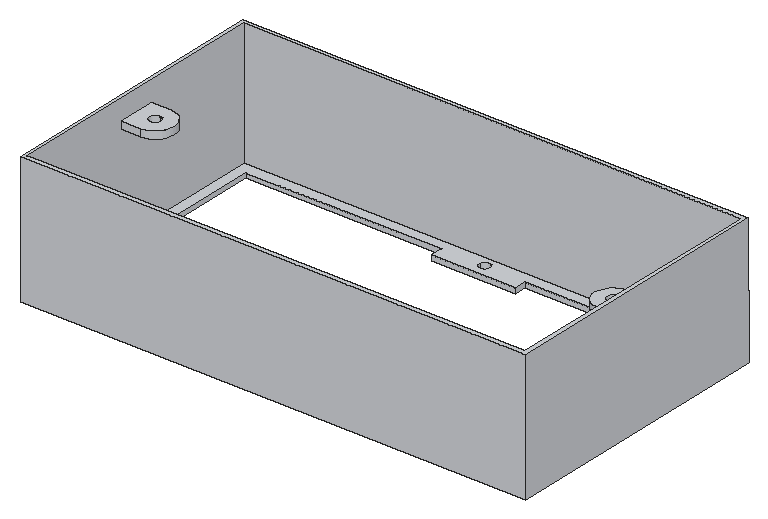
Revit family "EWS14", category Generic Models, Revit 2017
Family settings
  Can host rebar = No
  Round Connector Dimension = Use Diameter
  Part Type = Normal
  Work Plane-Based = Yes
  Always vertical = No
  Cut with Voids When Loaded = No
  Shared = No
  Room Calculation Point = No
Parameters (values of type "NBS Standard Parameters")
  Weight = "0.144Kg"
  WarrantyStartDate [instance] = "1900-12-31T23:59:59"
  WarrantyGuarantorParts = "n/a"
  WarrantyGuarantorLabor = "n/a"
  WarrantyDurationUnit = "1 year"
  WarrantyDurationParts = "n/a"
  WarrantyDurationLabor = "n/a"
  WarrantyDescription = "n/a"
  Version = "1"
  Uniclass2 = "Pr_65_72_97_84"
  TagNumber [instance] = "n/a"
  SustainabilityPerformance = "n/a"
  Size = "35mm"
  Shape = "Rectangular"
  SerialNumber [instance] = "n/a"
  Revision = "n/a"
  ReplacementCost = "n/a"
  ProductInformation = "www.metpro.co.uk/pdf/ess14.pdf"
  NominalWidth = 75 mm
  NominalLength = 135 mm
  NominalHeight = 36.1 mm
  Name = ""
  NBSTypeID = ""
  NBSReference = "90-60-25/345"
  NBSOfficeMasterTag = ""
  NBSNote = ""
  NBSDescription = "Standard Socket Outlets"
  NBSCertification = ""
  ModelReference = "EWS14"
  ModelNumber = "n/a"
  Material = "Sheet Steel To Comply with BS4667"
  ManufacturerURL = "www.metpro.co.uk"
  ManufacturerName = "Metpro Ltd"
  Keynote = "Compliant to BS4662 & LU Standard 1-085 (For Use on SUrface & Sub-Surface Locations"
  InstallationDate [instance] = "1900-12-31T23:59:59"
  IfcExportType = ""
  IfcExportAs = ""
  Grade = "n/a"
  Finish = "Pre Galvanised"
  Features = "n/a"
  ExpectedLife = "n/a"
  DurationUnit = "year"
  Description = "EWS14 -35mm Extension Switch & Socket Box"
  Default Elevation = 1219.2 mm
  Constituents = "n/a"
  Color = "n/a"
  CodePerformance = "n/a"
  Category = "n/a"
  BarCode [instance] = "n/a"
  BIMObjectName = "Role_Source_Type_Generic"
  Author = "Metpro Limited"
  AssetType = ""
  AssetIdentifier [instance] = "n/a"
  AccessibilityPerformance = "n/a"
Reference planes
  plane 1 "Center (Front/Back)": y = 0
  plane 2: z = 0
  plane 3 "Center (Left/Right)": x = 0
Forms (mm)
  Extrusion 1, solid
    sketch origin (-298.565, 156.769, 0) x (0, 1, 0) y (-1, 0, 0)
      loop
        line (85.058, -63.839) -> (85.058, 72.161) -> (10.058, 72.161) -> (10.058, -63.839) -> (85.058, -63.839)
      loop
        line (84.058, -62.839) -> (84.058, 71.161) -> (11.058, 71.161) -> (11.058, -62.839) -> (84.058, -62.839)
    from 0 to 35
  Extrusion 2, solid
    sketch origin (-298.565, 156.769, 0) x (0, 1, 0) y (-1, 0, 0)
      loop
        line (11.058, 71.161) -> (11.058, -62.839) -> (84.058, -62.839) -> (84.058, 71.161) -> (11.058, 71.161)
      loop
        line (81.058, 68.161) -> (42.558, 68.161) -> (14.058, 68.161) -> (14.058, 15.452) -> (17.297, 15.452) -> (17.297, -6.914) -> (14.058, -6.914) -> (14.058, -59.839) -> (42.604, -59.839) -> (81.058, -59.839) -> (81.058, -6.914) -> (77.818, -6.914) -> (77.818, 15.452) -> (81.058, 15.452) -> (81.058, 68.161)
      loop
        circle (14.058, 3.906) r 1.452
      loop
        circle (81.058, 3.906) r 1.452
    from 0 to 1.4
  Extrusion 3, solid
    sketch origin (-298.565, 156.769, 35) x (0, 1, 0) y (-1, 0, 0)
      loop
        arc (52.084, -57.442) -> (47.321, -52.679) -> (42.558, -57.442) r 4.763
        line (42.558, -57.442) -> (42.558, -62.839) -> (52.084, -62.839) -> (52.084, -57.442)
      loop
        circle (47.558, -57.442) r 1.528
      loop
        line (52.558, 65.764) -> (52.558, 71.161) -> (42.558, 71.161) -> (42.558, 65.764)
        arc (42.558, 65.764) -> (47.558, 60.764) -> (52.558, 65.764) r 5
      loop
        circle (47.558, 65.764) r 1.528
    from -5.232 to -7.166
Dimensions and locks
  aligned and locked: level to plane 2
